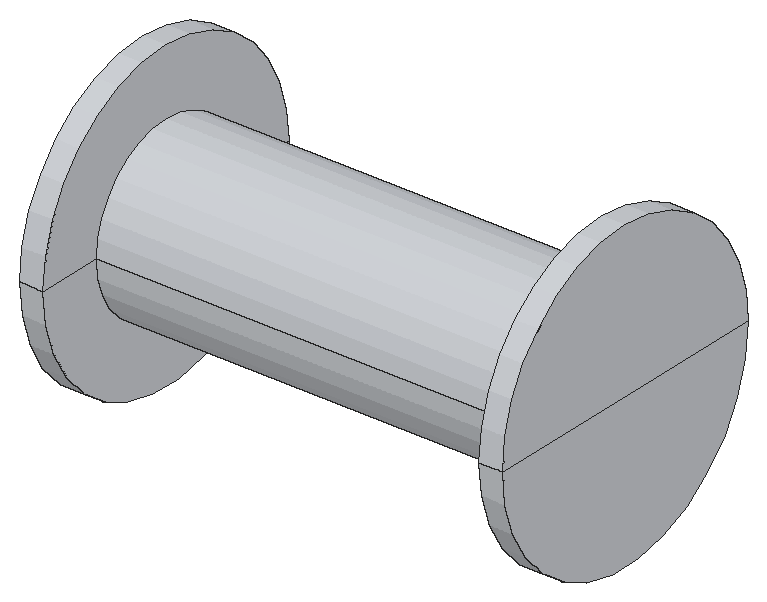
Revit family "c7089af8e2c042de951aad456616f168", category Pipe Fittings, Revit 2021
Family settings
  Round Connector Dimension = Use Radius
  Part Type = Union
  OmniClass Number = 23.60.30.11.14
  OmniClass Title = Pipework Fittings
  Seek Item ID = Coupling - Generic-0000-USA-ENU
  Work Plane-Based = No
  Always vertical = Yes
  Cut with Voids When Loaded = No
  Shared = No
Parameters (values of type "Standard")
  Tick Size [instance] = Socket Outside Diameter * 0.4  # 1.7400"
  Socket Outside Radius [instance] = Socket Outside Diameter / 2  # 2.1750"
  Socket Outside Diameter [instance] = size_lookup(Lookup Table Name, "SOD", 1.08 * Nominal Diameter + 1.1200", Nominal Diameter)  # 4.3500"
  Nominal Radius [instance] = 1.5000"
  Nominal Diameter [instance] = Nominal Radius * 2  # 3.0000"
  Loss Method = K Coefficient from Table
  Lookup Table Name = "Sleeve Long Solid Compact - MJ - DI - Class 350"
  Length Not Found [instance] = if(Nominal Diameter < 14.0000", 12.0000", if(Nominal Diameter < 30.0000", 15.0000", 24.0000"))  # 12.0000"
  Length [instance] = size_lookup(Lookup Table Name, "Lgt", Length Not Found, Nominal Diameter)  # 12.0000"
  K Coefficient Table = "Reducer/Coupling/Union/Increaser"
  Gland Width [instance] = size_lookup(Lookup Table Name, "GWid", 0.03 * Nominal Diameter + 0.9400", Nominal Diameter)  # 0.5800"
  Gland Outside Radius [instance] = Gland Outside Diameter / 2  # 3.8100"
  Gland Outside Diameter [instance] = size_lookup(Lookup Table Name, "GOD", 1.16 * Nominal Diameter + 4.0300", Nominal Diameter)  # 7.6200"
  Default Elevation = 0.0000"
Reference planes (in)
  plane 1 "Center (Front/Back)": y = 0
  plane 2: z = 0
  plane 3 "Center (Left/Right)": x = 0
  plane 4: x = -6
  plane 5: x = 6
  plane 6: y = 1.74
  plane 7: y = -1.74
  plane 8: y = 2.175
  plane 9: y = 3.81
  plane 10: x = -5.42
  plane 11: x = 5.42
Forms (in)
  Revolve 1, solid, detail levels fine
    sketch origin (0, 0, 0) x (1, 0, 0) y (0, 1, 0)
      loop
        line (-6, 0) -> (6, 0) -> (6, 3.81) -> (5.42, 3.81) -> (5.42, 2.175) -> (-5.42, 2.175) -> (-5.42, 3.81) -> (-6, 3.81) -> (-6, 0)
      axis (-6, 0) -> (6, 0)
    angle from 0 to 360
Lines and regions (in)
  model lines, detail levels coarse+medium
    curve 1: line (-6, 0, 0) -> (6, 0, 0)
    curve 2: line (-6, 1.74, 0) -> (-6, -1.74, 0)
    curve 3: line (6, 1.74, 0) -> (6, -1.74, 0)
Dimensions and locks (in)
  equal spacing: plane 4, plane 3 "Center (Left/Right)", plane 5
  "Length": plane 4 to plane 5
  "Tick Size": plane 6 to plane 1 "Center (Front/Back)"
  "Tick Size": plane 7 to plane 1 "Center (Front/Back)"
  "Socket Outside Radius": plane 8 to plane 1 "Center (Front/Back)"
  "Gland Outside Radius": plane 9 to plane 1 "Center (Front/Back)"
  "Gland Width": plane 4 to plane 10
  "Gland Width": plane 11 to plane 5
  aligned and locked: plane 6 to curve 2
  aligned and locked: plane 7 to curve 2
  aligned and locked: curve 2 to plane 4
  aligned and locked: plane 6 to curve 3
  aligned and locked: plane 7 to curve 3
  aligned and locked: plane 5 to curve 3
  aligned and locked: plane 4 to curve 1
  aligned and locked: plane 5 to curve 1
  aligned and locked: plane 1 "Center (Front/Back)" to curve 1
  aligned and locked: plane 1 "Center (Front/Back)" to Revolve 1 sketch curve
  aligned and locked: plane 5 to Revolve 1 sketch curve
  aligned and locked: plane 11 to Revolve 1 sketch curve
  aligned and locked: Revolve 1 sketch curve to plane 9  (x2)
  aligned and locked: Revolve 1 sketch curve to plane 8
  aligned and locked: Revolve 1 sketch curve to plane 10
  aligned and locked: plane 4 to Revolve 1 sketch curve
  aligned and locked: Revolve 1 sketch curve to Revolve 1 sketch curve
Automatic sketch dimensions
  Revolve 1 sketch curve to plane 4 = 4.7500"
  Revolve 1 sketch curve to Revolve 1 sketch curve = 6.7500"
Connectors (in)
  piping at (-6, 0, 0), diameter 3, driven by "Nominal Radius"
    settings: on Revolve 1, index 1, connector inside diameter 3.0000", connector length 0.0000", flow factor 0, pipe flow 0 GPM, pressure drop 0.00 psi, fitting loss kfactor 0, connector angle 0.00°, fixture units 0, engagement length 0.0000", angle of deflection 0.00°, flow configuration 0, flow direction 0, fitting loss method 0, system type 28, joint type 0, gender type 0, connector reference index 2, connector utility 0, adjustable connector no, is connector primary yes, connector description ""
  piping at (6, 0, 0), diameter 3, driven by "Nominal Radius"
    settings: on Revolve 1, index 2, connector inside diameter 3.0000", connector length 0.0000", flow factor 0, pipe flow 0 GPM, pressure drop 0.00 psi, fitting loss kfactor 0, connector angle 0.00°, fixture units 0, engagement length 0.0000", angle of deflection 0.00°, flow configuration 0, flow direction 0, fitting loss method 0, system type 28, joint type 0, gender type 0, connector reference index 1, connector utility 0, adjustable connector no, is connector primary no, connector description ""
